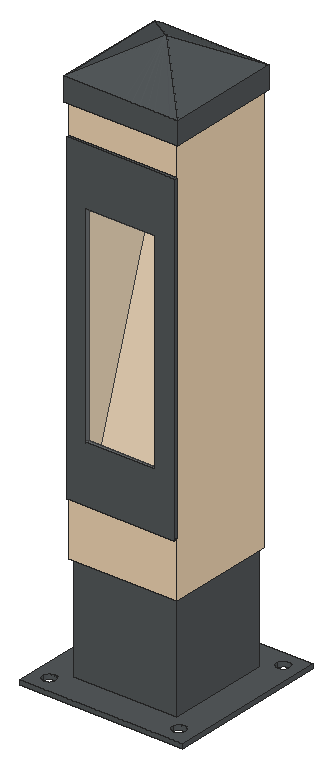
Revit family "Баум", category Осветительные приборы, Revit 2019 (continued)
Types (3, lengths in mm): name | Файл фотометрической сетки | built-in parameter 1150105 | Lumens | built-in parameter 1150106 | built-in parameter 1150142 | Wattage | h_столб низ | h_столб верх | ADSK_Фактическая мощность | ADSK_Размер_Высота | ADSK_Номинальная мощность | ADSK_Наименование | ADSK_Масса_Текст | ADSK_Масса | ADSK_Артикул
    2 0.2 0.2 0.4 0.6 0.4 0.4 0.4 0.4 0.4 0.4 0.4 0.4 0.4 0.4 0.4 0.4 0.4 0.4 0.4 0.4 0.4 0.4 0.4 0.4 0.4 0.4\r\n 0.6 0.4 0.4 0.4 0.4 0.4 0.4 0.4 0.4 0.4 0.6 0.4 0.4 0.4 0.4 0.4 0.4 0.4 0.4 0.4 0.4 0.4 0.4 0.4 0.4 0.4 0.4 0.4 0.4 0.4 0.6 0.4\r\n 0.4 0.4 0.4 0.4 0.4 0.4 0.4 0.4 0.4 0.4 0.4 0.4 0.4 0.4 0.4 0.4 0.4 0.4 0.4 0.4 0.4 0.4 0.4 0.4 0.4 0.4 0.4 0.4 0.4 0.4 0.4 0.4\r\n 0.4 0.4 0.4 0.4 0.4 0.4 0.4 0.4 0.4 0.4 0.4 0.4 0.4 0.4 0.4 0.4 0.4 0.4 0.4 0.4 0.4 0.4 0.4 0.4 0.4 0.4 0.4 0.4 0.4 0.4 0.4 0.4\r\n 0.4 0.4 0.4 0.4 0.4 0.4 0.4 0.4 0.4 0.4 0.4 0.4 0.4 0.4 0.4 0.4 0.4 0.4 0.4 0.4 0.4 0.4 0.4 0.4 0.4 0.4 0.4 0.4 0.4 0.4 0.4 0.4\r\n 0.4 0.4 0.4 0.4 0.4 0.4 0.4 0.4 0.4 0.2 0.2 0.2 0.2 0.2 0.2 0.2 0.2 0.2 0.0 0.0 0.0\r\n0.0 0.0 0.2 0.2 0.2 0.2 0.2 0.2 0.4 0.6 0.4 0.4 0.4 0.4 0.4 0.4 0.4 0.4 0.4 0.4 0.4 0.4 0.4 0.4 0.4 0.4 0.4 0.4 0.4 0.4 0.4 0.4\r\n 0.4 0.4 0.4 0.4 0.4 0.6 0.6 0.4 0.4 0.4 0.4 0.7 0.6 0.4 0.4 0.4 0.4 0.4 0.4 0.4 0.4 0.4 0.4 0.4 0.4 0.4 0.4 0.4 0.4 0.4 0.4 0.4\r\n 0.4 0.4 0.4 0.4 0.4 0.4 0.4 0.4 0.4 0.4 0.4 0.4 0.4 0.4 0.4 0.4 0.4 0.4 0.4 0.4 0.4 0.4 0.4 0.4 0.4 0.4 0.4 0.4 0.4 0.4 0.4 0.4\r\n 0.4 0.4 0.4 0.4 0.4 0.4 0.4 0.4 0.4 0.4 0.4 0.4 0.4 0.4 0.4 0.4 0.4 0.4 0.4 0.4 0.4 0.6 0.4 0.4 0.4 0.4 0.4 0.4 0.4 0.4 0.4 0.4\r\n 0.4 0.4 0.4 0.4 0.4 0.4 0.4 0.4 0.4 0.4 0.4 0.4 0.4 0.4 0.4 0.4 0.4 0.4 0.4 0.4 0.4 0.4 0.4 0.4 0.4 0.4 0.4 0.4 0.4 0.4 0.4 0.4\r\n 0.4 0.4 0.4 0.4 0.4 0.4 0.4 0.4 0.4 0.2 0.2 0.2 0.2 0.2 0.2 0.2 0.2 0.2 0.0 0.0 0.0\r\n0.0 0.0 0.2 0.2 0.2 0.2 0.2 0.2 0.4 0.6 0.4 0.4 0.4 0.4 0.4 0.4 0.4 0.4 0.4 0.4 0.4 0.4 0.4 0.4 0.4 0.4 0.4 0.4 0.4 0.4 0.4 0.4\r\n 0.4 0.4 0.4 0.4 0.4 0.6 0.4 0.4 0.4 0.4 0.4 0.6 0.4 0.4 0.4 0.4 0.4 0.4 0.4 0.4 0.4 0.4 0.4 0.4 0.4 0.4 0.4 0.4 0.4 0.4 0.4 0.4\r\n 0.4 0.4 0.4 0.4 0.4 0.4 0.4 0.4 0.4 0.4 0.4 0.4 0.4 0.4 0.4 0.4 0.4 0.4 0.4 0.4 0.4 0.4 0.4 0.4 0.4 0.4 0.4 0.4 0.4 0.4 0.4 0.4\r\n 0.4 0.4 0.4 0.4 0.4 0.4 0.4 0.4 0.4 0.4 0.4 0.4 0.4 0.4 0.4 0.4 0.4 0.4 0.4 0.4 0.4 0.7 0.4 0.4 0.4 0.4 0.4 0.4 0.4 0.4 0.4 0.4\r\n 0.4 0.4 0.4 0.4 0.4 0.4 0.4 0.4 0.4 0.4 0.4 0.4 0.4 0.4 0.4 0.4 0.4 0.4 0.4 0.4 0.4 0.4 0.4 0.4 0.4 0.4 0.4 0.4 0.4 0.4 0.4 0.4\r\n 0.4 0.4 0.4 0.4 0.4 0.4 0.4 0.4 0.4 0.2 0.2 0.2 0.2 0.2 0.2 0.2 0.2 0.2 0.0 0.0 0.0\r\n0.0 0.0 0.2 0.2 0.2 0.2 0.2 0.2 0.4 0.4 0.4 0.4 0.4 0.4 0.4 0.4 0.4 0.4 0.4 0.4 0.4 0.4 0.4 0.4 0.4 0.4 0.4 0.4 0.4 0.4 0.4 0.4\r\n 0.4 0.4 0.4 0.4 0.4 0.4 0.4 0.4 0.4 0.4 0.4 0.4 0.4 0.4 0.4 0.4 0.4 0.4 0.4 0.4 0.4 0.4 0.4 0.4 0.4 0.4 0.4 0.4 0.4 0.4 0.4 0.4\r\n 0.4 0.4 0.4 0.4 0.4 0.4 0.4 0.4 0.4 0.4 0.4 0.4 0.4 0.4 0.4 0.4 0.4 0.4 0.4 0.4 0.4 0.4 0.4 0.4 0.4 0.4 0.4 0.4 0.4 0.4 0.4 0.4\r\n 0.4 0.4 0.4 0.4 0.4 0.4 0.4 0.4 0.4 0.4 0.4 0.4 0.4 0.4 0.4 0.4 0.4 0.4 0.4 0.4 0.4 0.4 0.4 0.4 0.4 0.4 0.4 0.4 0.4 0.4 0.4 0.4\r\n 0.4 0.4 0.4 0.4 0.4 0.4 0.4 0.4 0.4 0.4 0.4 0.4 0.4 0.4 0.4 0.4 0.4 0.4 0.4 0.4 0.4 0.4 0.4 0.4 0.4 0.4 0.4 0.4 0.4 0.4 0.4 0.4\r\n 0.4 0.4 0.4 0.4 0.4 0.4 0.4 0.4 0.4 0.2 0.2 0.2 0.2 0.2 0.2 0.2 0.2 0.2 0.0 0.0 0.0\r\n0.0 0.0 0.2 0.2 0.2 0.2 0.2 0.2 0.4 0.4 0.4 0.4 0.4 0.4 0.4 0.4 0.4 0.4 0.4 0.4 0.4 0.4 0.4 0.4 0.4 0.4 0.4 0.4 0.4 0.4 0.4 0.4\r\n 0.4 0.4 0.4 0.4 0.4 0.4 0.4 0.4 0.4 0.4 0.4 0.4 0.4 0.4 0.4 0.4 0.4 0.4 0.4 0.4 0.4 0.4 0.4 0.4 0.4 0.4 0.4 0.4 0.4 0.4 0.4 0.4\r\n 0.4 0.4 0.4 0.4 0.4 0.4 0.4 0.4 0.4 0.4 0.4 0.4 0.4 0.4 0.4 0.4 0.4 0.4 0.4 0.4 0.4 0.4 0.4 0.4 0.4 0.4 0.4 0.4 0.4 0.4 0.4 0.4\r\n 0.4 0.4 0.4 0.4 0.4 0.4 0.4 0.4 0.4 0.4 0.4 0.4 0.4 0.4 0.4 0.4 0.4 0.4 0.4 0.4 0.4 0.4 0.4 0.4 0.4 0.4 0.4 0.4 0.4 0.4 0.4 0.4\r\n 0.4 0.4 0.4 0.4 0.4 0.4 0.4 0.4 0.4 0.4 0.4 0.4 0.4 0.4 0.4 0.4 0.4 0.4 0.4 0.4 0.4 0.4 0.4 0.4 0.4 0.4 0.4 0.4 0.4 0.4 0.4 0.4\r\n 0.4 0.4 0.4 0.4 0.4 0.4 0.4 0.4 0.4 0.2 0.2 0.2 0.2 0.2 0.2 0.2 0.2 0.2 0.0 0.0 0.0\r\n0.0 0.0 0.2 0.2 0.2 0.2 0.2 0.2 0.4 0.4 0.4 0.4 0.4 0.4 0.4 0.4 0.4 0.4 0.4 0.4 0.4 0.4 0.4 0.4 0.4 0.4 0.4 0.4 0.4 0.4 0.4 0.4\r\n 0.4 0.4 0.4 0.4 0.4 0.4 0.4 0.4 0.4 0.4 0.4 0.4 0.4 0.4 0.4 0.4 0.4 0.4 0.4 0.4 0.4 0.4 0.4 0.4 0.4 0.4 0.4 0.4 0.4 0.4 0.4 0.4\r\n 0.4 0.4 0.4 0.4 0.4 0.4 0.4 0.4 0.4 0.4 0.4 0.4 0.4 0.4 0.4 0.4 0.4 0.4 0.4 0.4 0.4 0.4 0.4 0.4 0.4 0.4 0.4 0.4 0.4 0.4 0.4 0.4\r\n 0.4 0.4 0.4 0.4 0.4 0.4 0.4 0.4 0.4 0.4 0.4 0.4 0.4 0.4 0.4 0.4 0.4 0.4 0.4 0.4 0.4 0.4 0.4 0.4 0.4 0.4 0.4 0.4 0.4 0.4 0.4 0.4\r\n 0.4 0.4 0.4 0.4 0.4 0.4 0.4 0.4 0.4 0.4 0.4 0.4 0.4 0.4 0.4 0.4 0.4 0.4 0.4 0.4 0.4 0.4 0.4 0.4 0.4 0.4 0.4 0.4 0.4 0.4 0.4 0.4\r\n 0.4 0.4 0.4 0.4 0.4 0.4 0.4 0.4 0.4 0.2 0.2 0.2 0.2 0.2 0.2 0.2 0.2 0.2 0.0 0.0 0.0\r\n0.0 0.0 0.2 0.2 0.2 0.2 0.2 0.2 0.4 0.4 0.4 0.4 0.4 0.4 0.4 0.4 0.4 0.4 0.4 0.4 0.4 0.4 0.4 0.4 0.4 0.4 0.4 0.4 0.4 0.4 0.4 0.4\r\n 0.4 0.4 0.4 0.4 0.4 0.4 0.4 0.4 0.4 0.4 0.4 0.4 0.4 0.4 0.4 0.4 0.4 0.4 0.4 0.4 0.4 0.4 0.4 0.4 0.4 0.4 0.4 0.4 0.4 0.4 0.4 0.4\r\n 0.4 0.4 0.4 0.4 0.4 0.4 0.4 0.4 0.4 0.4 0.4 0.4 0.4 0.4 0.4 0.4 0.4 0.4 0.4 0.4 0.4 0.4 0.4 0.4 0.4 0.4 0.4 0.4 0.4 0.4 0.4 0.4\r\n 0.4 0.4 0.4 0.4 0.4 0.4 0.4 0.4 0.4 0.4 0.4 0.4 0.4 0.4 0.4 0.4 0.4 0.4 0.4 0.4 0.4 0.4 0.4 0.4 0.4 0.4 0.4 0.4 0.4 0.4 0.4 0.4\r\n 0.4 0.4 0.4 0.4 0.4 0.4 0.4 0.4 0.4 0.4 0.4 0.4 0.4 0.4 0.4 0.4 0.4 0.4 0.4 0.4 0.4 0.4 0.4 0.4 0.4 0.4 0.4 0.4 0.4 0.4 0.4 0.4\r\n 0.4 0.4 0.4 0.4 0.4 0.4 0.4 0.4 0.4 0.2 0.2 0.2 0.2 0.2 0.2 0.2 0.2 0.2 0.0 0.0 0.0\r\n0.0 0.0 0.2 0.2 0.2 0.2 0.2 0.2 0.4 0.4 0.4 0.4 0.4 0.4 0.4 0.4 0.4 0.4 0.4 0.4 0.4 0.4 0.4 0.4 0.4 0.4 0.4 0.4 0.4 0.4 0.4 0.4\r\n 0.4 0.4 0.4 0.4 0.4 0.4 0.4 0.4 0.4 0.4 0.4 0.4 0.4 0.4 0.4 0.4 0.4 0.4 0.4 0.4 0.4 0.4 0.4 0.4 0.4 0.4 0.4 0.4 0.4 0.4 0.4 0.4\r\n 0.4 0.4 0.4 0.4 0.4 0.4 0.4 0.4 0.4 0.4 0.4 0.4 0.4 0.4 0.4 0.4 0.4 0.4 0.4 0.4 0.4 0.4 0.4 0.4 0.4 0.4 0.4 0.4 0.4 0.4 0.4 0.4\r\n 0.4 0.4 0.4 0.4 0.4 0.4 0.4 0.4 0.4 0.4 0.4 0.4 0.4 0.4 0.4 0.4 0.4 0.4 0.4 0.4 0.4 0.4 0.4 0.4 0.4 0.4 0.4 0.4 0.4 0.4 0.4 0.4\r\n 0.4 0.4 0.4 0.4 0.4 0.4 0.4 0.4 0.4 0.4 0.4 0.4 0.4 0.4 0.4 0.4 0.4 0.4 0.4 0.4 0.4 0.4 0.4 0.4 0.4 0.4 0.4 0.4 0.4 0.4 0.4 0.4\r\n 0.4 0.4 0.4 0.4 0.4 0.4 0.4 0.4 0.4 0.2 0.2 0.2 0.2 0.2 0.2 0.2 0.2 0.2 0.0 0.0 0.0\r\n0.0 0.0 0.2 0.2 0.2 0.2 0.2 0.2 0.4 0.4 0.4 0.4 0.4 0.4 0.4 0.4 0.4 0.4 0.4 0.4 0.4 0.4 0.4 0.4 0.4 0.4 0.4 0.4 0.4 0.4 0.4 0.4\r\n 0.4 0.4 0.4 0.4 0.4 0.4 0.4 0.4 0.4 0.4 0.4 0.4 0.4 0.4 0.4 0.4 0.4 0.4 0.4 0.4 0.4 0.4 0.4 0.4 0.4 0.4 0.4 0.4 0.4 0.4 0.4 0.4\r\n 0.4 0.4 0.4 0.4 0.4 0.4 0.4 0.4 0.4 0.4 0.4 0.4 0.4 0.4 0.4 0.4 0.4 0.4 0.4 0.4 0.4 0.4 0.4 0.4 0.4 0.4 0.4 0.4 0.4 0.4 0.4 0.4\r\n 0.4 0.4 0.4 0.4 0.4 0.4 0.4 0.4 0.4 0.4 0.4 0.4 0.4 0.4 0.4 0.4 0.4 0.4 0.4 0.4 0.4 0.4 0.4 0.4 0.4 0.4 0.4 0.4 0.4 0.4 0.4 0.4\r\n 0.4 0.4 0.4 0.4 0.4 0.4 0.4 0.4 0.4 0.4 0.4 0.4 0.4 0.4 0.4 0.4 0.4 0.4 0.4 0.4 0.4 0.4 0.4 0.4 0.4 0.4 0.4 0.4 0.4 0.4 0.4 0.4\r\n 0.4 0.4 0.4 0.4 0.4 0.4 0.4 0.4 0.4 0.2 0.2 0.2 0.2 0.2 0.2 0.2 0.2 0.2 0.0 0.0 0.0\r\n0.0 0.0 0.2 0.2 0.2 0.2 0.2 0.2 0.4 0.4 0.4 0.4 0.4 0.4 0.4 0.4 0.4 0.4 0.4 0.4 0.4 0.4 0.4 0.4 0.4 0.4 0.4 0.4 0.4 0.4 0.4 0.4\r\n 0.4 0.4 0.4 0.4 0.4 0.4 0.4 0.4 0.4 0.4 0.4 0.4 0.4 0.4 0.4 0.4 0.4 0.4 0.4 0.4 0.4 0.4 0.4 0.4 0.4 0.4 0.4 0.4 0.4 0.4 0.4 0.4\r\n 0.4 0.4 0.4 0.4 0.4 0.4 0.4 0.4 0.4 0.4 0.4 0.4 0.4 0.4 0.4 0.4 0.4 0.4 0.4 0.4 0.4 0.4 0.4 0.4 0.4 0.4 0.4 0.4 0.4 0.4 0.4 0.4\r\n 0.4 0.4 0.4 0.4 0.4 0.4 0.4 0.4 0.4 0.4 0.4 0.4 0.4 0.4 0.4 0.4 0.4 0.4 0.4 0.4 0.4 0.4 0.4 0.4 0.4 0.4 0.4 0.4 0.4 0.4 0.4 0.4\r\n 0.4 0.4 0.4 0.4 0.4 0.4 0.4 0.4 0.4 0.4 0.4 0.4 0.4 0.4 0.4 0.4 0.4 0.4 0.4 0.4 0.4 0.4 0.4 0.4 0.4 0.4 0.4 0.4 0.4 0.4 0.4 0.4\r\n 0.4 0.4 0.4 0.4 0.4 0.4 0.4 0.4 0.4 0.2 0.2 0.2 0.2 0.2 0.2 0.2 0.2 0.2 0.0 0.0 0.0\r\n0.0 0.0 0.0 0.2 0.2 0.2 0.2 0.2 0.4 0.4 0.4 0.4 0.4 0.4 0.4 0.4 0.4 0.4 0.4 0.4 0.4 0.4 0.4 0.4 0.4 0.4 0.4 0.4 0.4 0.4 0.4 0.4\r\n 0.4 0.4 0.4 0.4 0.4 0.4 0.4 0.4 0.4 0.4 0.4 0.4 0.4 0.4 0.4 0.4 0.4 0.4 0.4 0.4 0.4 0.4 0.4 0.4 0.4 0.4 0.4 0.4 0.4 0.4 0.4 0.4\r\n 0.4 0.4 0.4 0.4 0.4 0.4 0.4 0.4 0.4 0.4 0.4 0.4 0.4 0.4 0.4 0.4 0.4 0.4 0.4 0.4 0.4 0.4 0.4 0.4 0.4 0.4 0.4 0.4 0.4 0.4 0.4 0.4\r\n 0.4 0.4 0.4 0.4 0.4 0.4 0.4 0.4 0.4 0.4 0.4 0.4 0.4 0.4 0.4 0.4 0.4 0.4 0.4 0.4 0.4 0.4 0.4 0.4 0.4 0.4 0.4 0.4 0.4 0.4 0.4 0.4\r\n 0.4 0.4 0.4 0.4 0.4 0.4 0.4 0.4 0.4 0.4 0.4 0.4 0.4 0.4 0.4 0.4 0.4 0.4 0.4 0.4 0.4 0.4 0.4 0.4 0.4 0.4 0.4 0.4 0.4 0.4 0.4 0.4\r\n 0.4 0.4 0.4 0.4 0.4 0.4 0.4 0.4 0.4 0.2 0.2 0.2 0.2 0.2 0.2 0.2 0.2 0.2 0.0 0.0 0.0\r\n0.0 0.0 0.0 0.2 0.2 0.2 0.2 0.2 0.4 0.4 0.4 0.4 0.4 0.4 0.4 0.4 0.4 0.4 0.4 0.4 0.4 0.4 0.4 0.4 0.4 0.4 0.4 0.4 0.4 0.4 0.4 0.4\r\n 0.4 0.4 0.4 0.4 0.4 0.4 0.4 0.4 0.4 0.4 0.4 0.4 0.4 0.4 0.4 0.4 0.4 0.4 0.4 0.4 0.4 0.4 0.4 0.4 0.4 0.4 0.4 0.4 0.4 0.4 0.4 0.4\r\n 0.4 0.4 0.4 0.4 0.4 0.4 0.4 0.4 0.4 0.4 0.4 0.4 0.4 0.4 0.4 0.4 0.4 0.4 0.4 0.4 0.4 0.4 0.4 0.4 0.4 0.4 0.4 0.4 0.4 0.4 0.4 0.4\r\n 0.4 0.4 0.4 0.4 0.4 0.4 0.4 0.4 0.4 0.4 0.4 0.4 0.4 0.4 0.4 0.4 0.4 0.4 0.4 0.4 0.4 0.4 0.4 0.4 0.4 0.4 0.4 0.4 0.4 0.4 0.4 0.4\r\n 0.4 0.4 0.4 0.4 0.4 0.4 0.4 0.4 0.4 0.4 0.4 0.4 0.4 0.4 0.4 0.4 0.4 0.4 0.4 0.4 0.4 0.4 0.4 0.4 0.4 0.4 0.4 0.4 0.4 0.4 0.4 0.4\r\n 0.4 0.4 0.4 0.4 0.4 0.4 0.4 0.4 0.4 0.2 0.2 0.2 0.2 0.2 0.2 0.2 0.2 0.2 0.0 0.0 0.0\r\n0.0 0.0 0.0 0.2 0.2 0.2 0.2 0.2 0.4 0.4 0.4 0.4 0.4 0.4 0.4 0.4 0.4 0.4 0.4 0.4 0.4 0.4 0.4 0.4 0.4 0.6 0.4 0.4 0.4 0.4 0.4 0.4\r\n 0.4 0.4 0.4 0.4 0.4 0.4 0.4 0.4 0.4 0.4 0.4 0.4 0.4 0.4 0.4 0.4 0.4 0.4 0.4 0.4 0.4 0.4 0.4 0.4 0.4 0.4 0.4 0.4 0.4 0.4 0.4 0.4\r\n 0.4 0.4 0.4 0.4 0.4 0.4 0.4 0.4 0.4 0.4 0.4 0.4 0.4 0.4 0.4 0.4 0.4 0.4 0.4 0.4 0.4 0.4 0.4 0.4 0.4 0.4 0.4 0.4 0.4 0.4 0.4 0.4\r\n 0.4 0.4 0.4 0.4 0.4 0.4 0.4 0.4 0.4 0.4 0.4 0.4 0.4 0.4 0.4 0.4 0.4 0.4 0.4 0.4 0.4 0.4 0.4 0.4 0.4 0.4 0.4 0.4 0.4 0.4 0.4 0.4\r\n 0.4 0.4 0.4 0.4 0.4 0.4 0.4 0.4 0.4 0.4 0.4 0.4 0.4 0.4 0.4 0.4 0.4 0.4 0.4 0.4 0.4 0.4 0.4 0.4 0.4 0.4 0.4 0.4 0.4 0.4 0.4 0.4\r\n 0.4 0.4 0.4 0.4 0.4 0.4 0.4 0.4 0.4 0.2 0.2 0.2 0.2 0.2 0.2 0.2 0.2 0.2 0.0 0.0 0.0\r\n0.0 0.0 0.0 0.2 0.2 0.2 0.2 0.2 0.4 0.4 0.4 0.4 0.4 0.4 0.4 0.4 0.4 0.4 0.4 0.4 0.4 0.4 0.4 0.4 0.4 0.4 0.4 0.4 0.4 0.4 0.4 0.4\r\n 0.4 0.4 0.4 0.4 0.4 0.4 0.4 0.4 0.4 0.4 0.4 0.4 0.4 0.4 0.4 0.4 0.4 0.4 0.4 0.4 0.4 0.4 0.4 0.4 0.4 0.4 0.4 0.4 0.4 0.4 0.4 0.4\r\n 0.4 0.4 0.4 0.4 0.4 0.4 0.4 0.4 0.4 0.4 0.4 0.4 0.4 0.4 0.4 0.4 0.4 0.4 0.4 0.4 0.4 0.4 0.4 0.4 0.4 0.4 0.4 0.4 0.4 0.4 0.4 0.4\r\n 0.4 0.4 0.4 0.4 0.4 0.4 0.4 0.4 0.4 0.4 0.4 0.4 0.4 0.4 0.4 0.4 0.4 0.4 0.4 0.4 0.4 0.4 0.4 0.4 0.4 0.4 0.4 0.4 0.4 0.4 0.4 0.4\r\n 0.4 0.4 0.4 0.4 0.4 0.4 0.4 0.4 0.4 0.4 0.4 0.4 0.4 0.6 0.4 0.4 0.4 0.4 0.4 0.4 0.4 0.4 0.4 0.4 0.4 0.4 0.4 0.4 0.4 0.4 0.4 0.4\r\n 0.4 0.4 0.4 0.4 0.4 0.4 0.4 0.4 0.4 0.2 0.2 0.2 0.2 0.2 0.2 0.2 0.2 0.2 0.0 0.0 0.0\r\n0.0 0.0 0.0 0.0 0.2 0.2 0.2 0.2 0.4 0.4 0.4 0.4 0.4 0.4 0.4 0.4 0.4 0.4 0.4 0.4 0.4 0.4 0.4 0.4 0.4 0.4 0.4 0.4 0.4 0.4 0.4 0.4\r\n 0.4 0.4 0.4 0.4 0.4 0.4 0.4 0.4 0.4 0.4 0.4 0.4 0.4 0.4 0.4 0.4 0.4 0.4 0.4 0.4 0.4 0.4 0.4 0.4 0.4 0.4 0.4 0.4 0.4 0.4 0.4 0.4\r\n 0.4 0.4 0.4 0.4 0.4 0.4 0.4 0.4 0.4 0.4 0.4 0.4 0.4 0.4 0.4 0.4 0.4 0.4 0.4 0.4 0.4 0.4 0.4 0.4 0.4 0.4 0.4 0.4 0.4 0.4 0.4 0.4\r\n 0.4 0.4 0.4 0.4 0.4 0.4 0.4 0.4 0.4 0.4 0.4 0.4 0.4 0.4 0.4 0.4 0.4 0.4 0.4 0.4 0.4 0.4 0.4 0.4 0.4 0.4 0.4 0.4 0.4 0.4 0.4 0.4\r\n 0.4 0.4 0.4 0.4 0.4 0.4 0.4 0.4 0.4 0.4 0.4 0.4 0.4 0.4 0.4 0.4 0.4 0.4 0.4 0.4 0.4 0.4 0.4 0.4 0.4 0.4 0.4 0.4 0.4 0.4 0.4 0.4\r\n 0.4 0.4 0.4 0.4 0.4 0.4 0.4 0.4 0.4 0.2 0.2 0.2 0.2 0.2 0.2 0.2 0.2 0.2 0.0 0.0 0.0\r\n0.0 0.0 0.0 0.0 0.2 0.2 0.2 0.2 0.4 0.4 0.4 0.4 0.4 0.4 0.4 0.4 0.4 0.4 0.4 0.4 0.4 0.4 0.4 0.4 0.4 0.4 0.4 0.4 0.4 0.4 0.4 0.4\r\n 0.4 0.4 0.4 0.4 0.4 0.4 0.4 0.4 0.4 0.4 0.4 0.4 0.4 0.4 0.4 0.4 0.4 0.4 0.4 0.4 0.4 0.4 0.4 0.4 0.4 0.4 0.4 0.4 0.4 0.4 0.4 0.4\r\n 0.4 0.4 0.4 0.4 0.4 0.4 0.4 0.4 0.4 0.4 0.4 0.4 0.4 0.4 0.4 0.4 0.4 0.4 0.4 0.4 0.4 0.4 0.4 0.4 0.4 0.4 0.4 0.4 0.4 0.4 0.4 0.4\r\n 0.4 0.4 0.4 0.4 0.4 0.4 0.4 0.4 0.4 0.4 0.4 0.4 0.4 0.4 0.4 0.4 0.4 0.4 0.4 0.4 0.4 0.4 0.4 0.4 0.4 0.4 0.4 0.4 0.4 0.4 0.4 0.4\r\n 0.4 0.4 0.4 0.4 0.4 0.4 0.4 0.4 0.4 0.4 0.4 0.4 0.4 0.4 0.4 0.4 0.4 0.4 0.4 0.4 0.4 0.4 0.4 0.4 0.4 0.4 0.4 0.4 0.4 0.4 0.4 0.4\r\n 0.4 0.4 0.4 0.4 0.4 0.4 0.4 0.4 0.4 0.2 0.2 0.2 0.2 0.2 0.2 0.2 0.2 0.2 0.0 0.0 0.0\r\n0.0 0.0 0.0 0.0 0.2 0.2 0.2 0.2 0.4 0.4 0.4 0.4 0.4 0.4 0.4 0.4 0.4 0.4 0.4 0.4 0.4 0.4 0.4 0.4 0.4 0.4 0.4 0.4 0.4 0.4 0.4 0.4\r\n 0.4 0.4 0.4 0.4 0.4 0.4 0.4 0.4 0.4 0.4 0.4 0.4 0.4 0.4 0.4 0.4 0.4 0.4 0.4 0.4 0.4 0.4 0.4 0.4 0.4 0.4 0.4 0.4 0.4 0.4 0.4 0.4\r\n 0.4 0.4 0.4 0.4 0.4 0.4 0.4 0.4 0.4 0.4 0.4 0.4 0.4 0.4 0.4 0.4 0.4 0.4 0.4 0.4 0.4 0.4 0.4 0.4 0.4 0.4 0.4 0.4 0.4 0.4 0.4 0.4\r\n 0.4 0.4 0.4 0.4 0.4 0.4 0.4 0.4 0.4 0.4 0.4 0.4 0.4 0.4 0.4 0.4 0.4 0.4 0.4 0.4 0.4 0.4 0.4 0.4 0.4 0.4 0.4 0.4 0.4 0.4 0.4 0.4\r\n 0.4 0.4 0.4 0.4 0.4 0.4 0.4 0.4 0.4 0.4 0.4 0.4 0.4 0.4 0.4 0.4 0.4 0.4 0.4 0.4 0.4 0.4 0.4 0.4 0.4 0.4 0.4 0.4 0.4 0.4 0.4 0.4\r\n 0.4 0.4 0.4 0.4 0.4 0.4 0.4 0.4 0.4 0.2 0.2 0.2 0.2 0.2 0.2 0.2 0.2 0.2 0.0 0.0 0.0\r\n0.0 0.0 0.0 0.0 0.0 0.2 0.2 0.2 0.4 0.4 0.4 0.4 0.4 0.4 0.4 0.4 0.4 0.4 0.4 0.4 0.4 0.4 0.4 0.4 0.4 0.4 0.4 0.4 0.4 0.4 0.4 0.4\r\n 0.4 0.4 0.4 0.4 0.4 0.4 0.4 0.4 0.4 0.4 0.4 0.4 0.4 0.4 0.4 0.4 0.4 0.4 0.4 0.4 0.4 0.4 0.4 0.4 0.4 0.4 0.4 0.4 0.4 0.4 0.4 0.4\r\n 0.4 0.4 0.4 0.4 0.4 0.4 0.4 0.4 0.4 0.4 0.4 0.4 0.4 0.4 0.4 0.4 0.4 0.4 0.4 0.4 0.4 0.4 0.4 0.4 0.4 0.4 0.4 0.4 0.4 0.4 0.4 0.4\r\n 0.4 0.4 0.4 0.4 0.4 0.4 0.4 0.4 0.4 0.4 0.4 0.4 0.4 0.4 0.4 0.4 0.4 0.4 0.4 0.4 0.4 0.4 0.4 0.4 0.4 0.4 0.4 0.4 0.4 0.4 0.4 0.4\r\n 0.4 0.4 0.4 0.4 0.4 0.4 0.4 0.4 0.4 0.4 0.4 0.4 0.4 0.4 0.4 0.4 0.4 0.4 0.4 0.4 0.4 0.4 0.4 0.4 0.4 0.4 0.4 0.4 0.4 0.4 0.4 0.4\r\n 0.4 0.4 0.4 0.4 0.4 0.4 0.4 0.4 0.4 0.2 0.2 0.2 0.2 0.2 0.2 0.2 0.2 0.2 0.0 0.0 0.0\r\n0.0 0.0 0.0 0.0 0.0 0.2 0.2 0.2 0.4 0.4 0.4 0.4 0.4 0.4 0.4 0.4 0.4 0.4 0.4 0.4 0.4 0.4 0.4 0.4 0.4 0.4 0.4 0.4 0.4 0.4 0.4 0.4\r\n 0.4 0.4 0.4 0.4 0.4 0.4 0.4 0.4 0.4 0.4 0.4 0.4 0.4 0.4 0.4 0.4 0.4 0.4 0.4 0.4 0.4 0.4 0.4 0.4 0.4 0.4 0.4 0.4 0.4 0.4 0.4 0.4\r\n 0.4 0.4 0.4 0.4 0.4 0.4 0.4 0.4 0.4 0.4 0.4 0.4 0.4 0.4 0.4 0.4 0.4 0.4 0.4 0.4 0.4 0.4 0.4 0.4 0.4 0.4 0.4 0.4 0.4 0.4 0.4 0.4\r\n 0.4 0.4 0.4 0.4 0.4 0.4 0.4 0.4 0.4 0.4 0.4 0.4 0.4 0.4 0.4 0.4 0.4 0.4 0.4 0.4 0.4 0.4 0.4 0.4 0.4 0.4 0.4 0.4 0.4 0.4 0.4 0.4\r\n 0.4 0.4 0.4 0.4 0.4 0.4 0.4 0.4 0.4 0.4 0.4 0.4 0.4 0.4 0.4 0.4 0.4 0.4 0.4 0.4 0.4 0.4 0.4 0.4 0.4 0.4 0.4 0.4 0.4 0.4 0.4 0.4\r\n 0.4 0.4 0.4 0.4 0.4 0.4 0.4 0.4 0.4 0.2 0.2 0.2 0.2 0.2 0.2 0.2 0.2 0.2 0.0 0.0 0.0\r\n0.0 0.0 0.0 0.0 0.0 0.2 0.2 0.2 0.4 0.4 0.4 0.4 0.4 0.4 0.4 0.4 0.4 0.4 0.4 0.4 0.4 0.4 0.4 0.4 0.4 0.4 0.4 0.4 0.4 0.4 0.4 0.4\r\n 0.4 0.4 0.4 0.4 0.4 0.4 0.4 0.4 0.4 0.4 0.4 0.4 0.4 0.4 0.4 0.4 0.4 0.4 0.4 0.6 0.4 0.4 0.4 0.4 0.4 0.4 0.4 0.4 0.4 0.4 0.4 0.4\r\n 0.4 0.4 0.4 0.4 0.4 0.4 0.4 0.4 0.4 0.4 0.4 0.4 0.4 0.4 0.4 0.4 0.4 0.4 0.4 0.4 0.4 0.4 0.4 0.4 0.4 0.4 0.4 0.4 0.4 0.4 0.4 0.4\r\n 0.4 0.4 0.4 0.4 0.4 0.4 0.4 0.4 0.4 0.4 0.4 0.4 0.4 0.4 0.4 0.4 0.4 0.4 0.4 0.4 0.4 0.4 0.4 0.4 0.4 0.4 0.4 0.4 0.4 0.4 0.4 0.4\r\n 0.4 0.4 0.4 0.4 0.4 0.4 0.4 0.4 0.4 0.4 0.4 0.4 0.4 0.4 0.4 0.4 0.4 0.4 0.4 0.4 0.4 0.4 0.4 0.4 0.4 0.4 0.4 0.4 0.4 0.4 0.4 0.4\r\n 0.4 0.4 0.4 0.4 0.4 0.4 0.4 0.4 0.4 0.4 0.2 0.2 0.2 0.2 0.2 0.2 0.2 0.2 0.0 0.0 0.0\r\n0.0 0.0 0.0 0.0 0.0 0.2 0.2 0.2 0.4 0.4 0.4 0.4 0.4 0.4 0.4 0.4 0.4 0.4 0.4 0.4 0.4 0.4 0.4 0.4 0.4 0.4 0.4 0.4 0.4 0.4 0.4 0.4\r\n 0.4 0.4 0.4 0.4 0.4 0.4 0.4 0.4 0.4 0.4 0.4 0.4 0.4 0.4 0.4 0.4 0.4 0.4 0.4 0.4 0.4 0.4 0.4 0.4 0.4 0.4 0.4 0.4 0.4 0.4 0.4 0.4\r\n 0.4 0.4 0.4 0.4 0.4 0.4 0.4 0.4 0.4 0.4 0.4 0.4 0.4 0.4 0.4 0.4 0.4 0.4 0.4 0.4 0.4 0.4 0.4 0.4 0.4 0.4 0.4 0.4 0.4 0.4 0.4 0.4\r\n 0.4 0.4 0.4 0.4 0.4 0.4 0.4 0.4 0.4 0.4 0.4 0.4 0.4 0.4 0.4 0.4 0.4 0.4 0.4 0.4 0.4 0.4 0.4 0.4 0.4 0.4 0.4 0.4 0.4 0.4 0.4 0.4\r\n 0.4 0.4 0.4 0.4 0.4 0.4 0.4 0.4 0.4 0.4 0.4 0.4 0.4 0.4 0.4 0.4 0.4 0.4 0.4 0.4 0.4 0.4 0.4 0.4 0.4 0.4 0.4 0.4 0.4 0.4 0.4 0.4\r\n 0.4 0.4 0.4 0.4 0.4 0.4 0.4 0.4 0.4 0.4 0.2 0.2 0.2 0.2 0.2 0.2 0.2 0.0 0.0 0.0 0.0\r\n0.0 0.0 0.0 0.0 0.0 0.2 0.2 0.2 0.4 0.4 0.4 0.4 0.4 0.4 0.4 0.4 0.4 0.4 0.4 0.4 0.4 0.4 0.4 0.4 0.4 0.4 0.4 0.4 0.4 0.4 0.4 0.4\r\n 0.4 0.4 0.4 0.4 0.4 0.4 0.4 0.4 0.4 0.4 0.4 0.4 0.4 0.4 0.4 0.4 0.4 0.4 0.4 0.4 0.4 0.4 0.4 0.4 0.4 0.4 0.4 0.4 0.4 0.4 0.4 0.4\r\n 0.4 0.4 0.4 0.4 0.4 0.4 0.4 0.4 0.4 0.4 0.4 0.4 0.4 0.4 0.4 0.4 0.4 0.4 0.4 0.4 0.4 0.4 0.4 0.4 0.4 0.4 0.4 0.4 0.4 0.4 0.4 0.4\r\n 0.4 0.4 0.4 0.4 0.4 0.4 0.4 0.4 0.4 0.4 0.4 0.4 0.4 0.4 0.4 0.4 0.4 0.4 0.4 0.4 0.4 0.4 0.4 0.4 0.4 0.4 0.4 0.4 0.4 0.4 0.4 0.4\r\n 0.4 0.4 0.4 0.4 0.4 0.4 0.4 0.4 0.4 0.4 0.4 0.4 0.4 0.4 0.4 0.4 0.4
